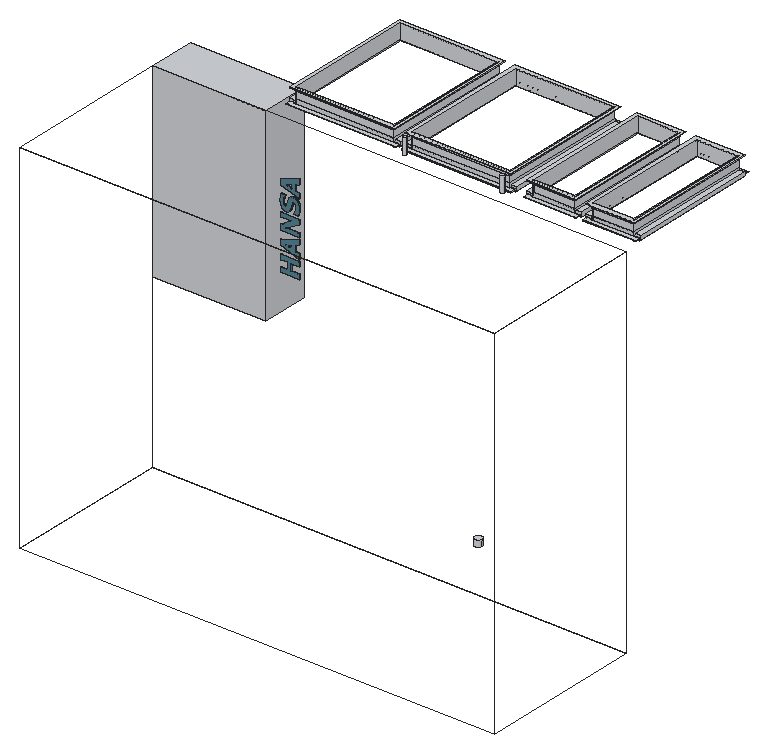
Revit family "KL-P-023-G-R", category HLS-Bauteile, Revit 2020
Family settings
  Bemaßung runder Anschluss = Durchmesser verwenden
  Klassifizierung = Keine
  Teiletyp = Normal
  Arbeitsebenenbasiert = Nein
  Immer vertikal = Ja
  Beim Laden mit Abzugskörper schneiden = Nein
  Gemeinsam genutzt = Nein
  Raumberechnungspunkt = Nein
Parameters
  Zuluftbreite [instance] = 520 mm  # constant formula
  Vorgabe-Ansicht = 0 mm
  TyS [instance] = size_lookup("TyS_Hansa_KL_P", "", "ND", RLT_Serie, Gehaeuserichtung, Gehaeuseausfuehrung, RLT_MSR_KZ)  # "KL-P-023-G-R-eCS"
  Schaltschrankbreite [instance] = 600 mm
  Schaltschrank_montiert [instance] = yes
  SSaG [instance] = and(or(Regelung SAIA, Regelung OJ), Schaltschrank_montiert)  # yes
  Regelung SAIA [instance] = yes
  Regelung OJ [instance] = no
  RLT_Volumenstrom_max = 2300 m³/h  # constant formula
  RLT_Volumenstrom_Unit_2 [instance] = 2300 m³/h
  RLT_Volumenstrom_Unit_1 [instance] = 2300 m³/h
  RLT_Typenschlüssel [instance] = TyS  # "KL-P-023-G-R-eCS"
  RLT_Serie = "KL-P-023"  # constant formula
  RLT_Material_außen [instance] = Stahlblech verzinkt + RAL 9002
  RLT_MSR_KZ [instance] = if(Regelung SAIA, "eCS", if(Regelung OJ, "eCO", "-"))  # "eCS"
  RLT_Länge [instance] = L  # 1920 mm
  RLT_Höhe = H  # 1790 mm
  RLT_Gewicht [instance] = size_lookup("TD_Hansa_KL_P", "Gewicht", 0 mm, TyS) / 1 mm * 1.00 kg  # 0.00 kg
  RLT_Breite = B  # 880 mm
  Modell = "KL-P-023-G-R"  # constant formula
  L2 = 660 mm  # constant formula
  L1 = 1260 mm  # constant formula
  L = L1 + L2  # 1920 mm
  Kanaltiefe [instance] = RLT_Breite - 190 mm  # 690 mm
  Hersteller = "Hansa"  # constant formula
  H = 1790 mm  # constant formula
  GeräteOK [instance] = H + Fuß  # 1910 mm
  Gehaeuserichtung [instance] = "R"  # constant formula
  Gehaeuseausfuehrung [instance] = "geteilt"  # constant formula
  GD_Spannung [instance] = 230 V
  GD_Phasen [instance] = 1
  GD_Nennstrom [instance] = 0 A
  GD_Anschlussleistung [instance] = 0 W
  Fuß [instance] = 120 mm  # constant formula
  Fortluftbreite = 220 mm  # constant formula
  Bedienzone [instance] = yes
  Baugruppe [instance] = "RLT-Gerät"  # constant formula
  BZl [instance] = if(and(or(Regelung SAIA, Regelung OJ), Schaltschrank_montiert), L + Schaltschrankbreite, L)  # 2520 mm
  B = 880 mm  # constant formula
  Außenluftbreite = 220 mm  # constant formula
  Abluftbreite [instance] = 520 mm  # constant formula
Reference planes
  plane 1 "Mitte (Vorne/hinten)": y = 0
  plane 2: z = 0
  plane 3 "Mitte (Links/rechts)": x = 0
  plane 4: x = -960
  plane 5: x = 960
  plane 6 "GV": y = -440
  plane 7 "GH": y = 440
  plane 8 "OKG": z = 1910
  plane 9: y = 377.5
  plane 10: y = -312.5
  plane 11: x = -897.5
  plane 12: x = 897.5
  plane 13: x = -377.5
  plane 14: x = -282.5
  plane 15: x = 237.5
  plane 16: x = 677.5
  plane 17: x = 582.5
  plane 18: x = 362.5
  plane 19: z = 1990
  plane 20 "UKG": z = 120
  plane 21: y = -190
  plane 22: y = -230
  plane 23: z = 90
  plane 24: y = -364
  plane 25: x = 300
  plane 26: y = -1320
  plane 27: x = -1560
Forms (mm)
  Extrusion 1, solid, visible <- "SSaG"
    sketch origin (-61.559, 0, -70) x (1, 0, 0) y (0, 0, 1)
      loop
        line (-1498.441, 1980) -> (-1498.441, 980) -> (-898.441, 980) -> (-898.441, 1980) -> (-1498.441, 1980)
    from 440 to 190
  Extrusion 2, solid
    sketch origin (0, 0, 0) x (1, 0, 0) y (0, 1, 0)
      loop
        circle (0, -230) r 20
    from 120 to 90
  Extrusion 3, solid, material "Glas - klar", visible <- "Bedienzone"
    sketch origin (-600, 0, 0) x (1, 0, 0) y (0, 1, 0)
      loop
        line (-960, -440) -> (-960, -1320) -> (1560, -1320) -> (1560, -440) -> (-960, -440)
    from 1910 to 0
  Extrusion 4, solid
    sketch origin (0, 0, 0) x (1, 0, 0) y (0, 1, 0)
      loop
        circle (-282.5, -364) r 10
    from 1990 to 1910
  Extrusion 5, solid
    sketch origin (0, 0, 0) x (1, 0, 0) y (0, 1, 0)
      loop
        circle (237.5, -364) r 10
    from 1990 to 1910
Dimensions and locks
  equal spacing: plane 4, plane 3 "Mitte (Links/rechts)", plane 5
  "L": plane 4 to plane 5
  "B": plane 7 "GH" to plane 6 "GV"
  locked: plane 7 "GH" to plane 9 at 62.5
  locked: plane 4 to plane 11 at 62.5
  locked: plane 12 to plane 5 at 62.5
  "Abluftbreite": plane 11 to plane 13
  locked: plane 13 to plane 14 at 95
  "Zuluftbreite": plane 14 to plane 15
  "Fortluftbreite": plane 16 to plane 12
  locked: plane 17 to plane 16 at 95
  "Außenluftbreite": plane 18 to plane 17
  plane 15 to plane 18 = 125 mm
  locked: nested 3 to plane 16 at 95
  "Fuß": plane 20 "UKG" to level
  plane 19 to plane 8 "OKG" = 80 mm
  locked: plane 4 to nested 1 at 62.5
  locked: plane 13 to nested 2 at 95
  locked: nested 4 to plane 5 at 62.5
  plane 5 to Extrusion 1 = 1920 mm
  "RLT_Höhe": plane 8 "OKG" to plane 20 "UKG"
  equal spacing: plane 7 "GH", plane 1 "Mitte (Vorne/hinten)", plane 6 "GV"
  locked: plane 6 "GV" to plane 21 at 250
  locked: plane 6 "GV" to plane 22 at 210
  plane 20 "UKG" to plane 23 = 30 mm
  locked: plane 24 to plane 6 "GV" at 76
  "L1": plane 4 to plane 25
  "B": plane 26 to plane 6 "GV"
  "BZl": Extrusion 3 to Extrusion 3
  "Schaltschrankbreite": plane 27 to plane 4
  plane 18 to plane 15 = 125 mm
  aligned and locked: level to plane 2
  aligned and locked: plane 8 "OKG" to Extrusion 1
  aligned and locked: Extrusion 1 to plane 6 "GV"
  aligned and locked: plane 21 to Extrusion 1
  aligned and locked: plane 20 "UKG" to Extrusion 2
  aligned and locked: Extrusion 2 to plane 23
  aligned and locked: Extrusion 3 to plane 6 "GV"
  aligned and locked: Extrusion 3 to plane 26
  aligned and locked: plane 8 "OKG" to Extrusion 3
  aligned and locked: Extrusion 1 to plane 4
  aligned and locked: plane 19 to Extrusion 4
  aligned and locked: Extrusion 4 to plane 8 "OKG"
  aligned and locked: plane 19 to Extrusion 5
  aligned and locked: Extrusion 1 to Extrusion 3
  aligned and locked: plane 7 "GH" to nested 6
  aligned and locked: plane 4 to nested 6
Automatic sketch dimensions
  Extrusion 1 sketch curve to plane 5 = 2520 mm
  Extrusion 1 sketch curve to plane 8 "OKG" = 0 mm
  Extrusion 1 sketch curve to plane 5 = 1920 mm
  plane 20 "UKG" to Extrusion 1 sketch curve = 790 mm
  Extrusion 2 sketch curve to plane 3 "Mitte (Links/rechts)" = 0 mm
  Extrusion 2 sketch curve to plane 22 = 0 mm
  plane 4 to Extrusion 3 sketch curve = 600 mm
  Extrusion 3 sketch curve to plane 5 = 0 mm
  Extrusion 3 sketch curve to plane 26 = 0 mm
  plane 6 "GV" to Extrusion 3 sketch curve = 0 mm
  Extrusion 4 sketch curve to plane 14 = 0 mm
  Extrusion 4 sketch curve to plane 24 = 0 mm
  Extrusion 5 sketch curve to plane 15 = 0 mm
  Extrusion 5 sketch curve to plane 24 = 0 mm
  radius of Extrusion 2 sketch curve = 20 mm
  radius of Extrusion 4 sketch curve = 10 mm
  radius of Extrusion 5 sketch curve = 10 mm
Nested families
  nested 1: "Kanalstutzen" at (-637.5, 29.209, 1910) x (1, 0, 0) z (0, -1, 0), 2570_EST_Breite <- "Abluftbreite", 2571_EST_Höhe <- "Kanaltiefe", built-in parameter 1001360 <- "GeräteOK", type "Kanalstutzen"
    with Tiefe 80 mm, RahmenG2 20 mm, RahmenG1 30 mm, Höhe 690 mm, Breite 520 mm, 2572_EST_Tiefe 80 mm, 2571_EST_Höhe 690 mm, 2570_EST_Breite 520 mm, 1966_EST_Rahmentyp ""
  nested 2: "Kanalstutzen" at (-22.5, 29.209, 1910) x (1, 0, 0) z (0, -1, 0), 2570_EST_Breite <- "Zuluftbreite", 2571_EST_Höhe <- "Kanaltiefe", built-in parameter 1001360 <- "GeräteOK", type "Kanalstutzen"
    with Tiefe 80 mm, RahmenG2 20 mm, RahmenG1 30 mm, Höhe 690 mm, Breite 520 mm, 2572_EST_Tiefe 80 mm, 2571_EST_Höhe 690 mm, 2570_EST_Breite 520 mm, 1966_EST_Rahmentyp ""
  nested 3: "Kanalstutzen" at (472.5, 29.209, 1910) x (1, 0, 0) z (0, -1, 0), 2570_EST_Breite <- "Außenluftbreite", 2571_EST_Höhe <- "Kanaltiefe", built-in parameter 1001360 <- "GeräteOK", type "Kanalstutzen"
    with Tiefe 80 mm, RahmenG2 20 mm, RahmenG1 30 mm, Höhe 690 mm, Breite 220 mm, 2572_EST_Tiefe 80 mm, 2571_EST_Höhe 690 mm, 2570_EST_Breite 220 mm, 1966_EST_Rahmentyp ""
  nested 4: "Kanalstutzen" at (787.5, 29.209, 1910) x (1, 0, 0) z (0, -1, 0), 2570_EST_Breite <- "Fortluftbreite", 2571_EST_Höhe <- "Kanaltiefe", built-in parameter 1001360 <- "GeräteOK", type "Kanalstutzen"
    with Tiefe 80 mm, RahmenG2 20 mm, RahmenG1 30 mm, Höhe 690 mm, Breite 220 mm, 2572_EST_Tiefe 80 mm, 2571_EST_Höhe 690 mm, 2570_EST_Breite 220 mm, 1966_EST_Rahmentyp ""
  nested 5: "Hansa_Aufkleber_klein" at (-780, -440, 1390) x (0, 0, 1) z (0, -1, 0), type "Hansa_Aufkleber_klein"
  nested 6: "P-023-G-R_ipt" at (0, 0, 0), type "Norm"
Connectors
  hvac at (-637.5, 29.209, 1989), driven by "RLT_Volumenstrom_Unit_2", driven by "Abluftbreite", driven by "Kanaltiefe"
    settings: on nested 1, index 1, duct flow 2300 m³/h, flow factor 0, pres drop 0.0 Pa, loss coef 0, conn angle 0.00°, conn width 520 mm, conn height 690 mm, conn diameter 609.6 mm, duct sys type 2, conn prof type 1, flow config 0, flow direction 1, loss method 0, conn ref index -1, conn util no, is conn primary yes, conn desc ""
  hvac at (-22.5, 29.209, 1989), driven by "RLT_Volumenstrom_Unit_1", driven by "Zuluftbreite", driven by "Kanaltiefe"
    settings: on nested 2, index 2, duct flow 2300 m³/h, flow factor 0, pres drop 0.0 Pa, loss coef 0, conn angle 0.00°, conn width 520 mm, conn height 690 mm, conn diameter 609.6 mm, duct sys type 1, conn prof type 1, flow config 0, flow direction 2, loss method 0, conn ref index -1, conn util no, is conn primary no, conn desc ""
  hvac at (472.5, 29.209, 1989), driven by "RLT_Volumenstrom_Unit_1", driven by "Außenluftbreite", driven by "Kanaltiefe"
    settings: on nested 3, index 3, duct flow 2300 m³/h, flow factor 0, pres drop 0.0 Pa, loss coef 0, conn angle 0.00°, conn width 220 mm, conn height 690 mm, conn diameter 609.6 mm, duct sys type 1, conn prof type 1, flow config 0, flow direction 1, loss method 0, conn ref index -1, conn util no, is conn primary no, conn desc ""
  hvac at (787.5, 29.209, 1989), driven by "RLT_Volumenstrom_Unit_2", driven by "Fortluftbreite", driven by "Kanaltiefe"
    settings: on nested 4, index 4, duct flow 2300 m³/h, flow factor 0, pres drop 0.0 Pa, loss coef 0, conn angle 0.00°, conn width 220 mm, conn height 690 mm, conn diameter 609.6 mm, duct sys type 3, conn prof type 1, flow config 1, flow direction 2, loss method 0, conn ref index -1, conn util no, is conn primary no, conn desc ""
  piping at (0, -230, 90), diameter 40
    settings: on Extrusion 2, index 5, connector inside diameter 609.6 mm, connector length 0 mm, flow factor 0, pipe flow 0.0 L/s, pressure drop 0.0 Pa, fitting loss kfactor 0, connector angle 0.00°, fixture units 0, engagement length 0 mm, angle of deflection 0.00°, flow configuration 0, flow direction 2, fitting loss method 0, system type 16, joint type 0, gender type 0, connector reference index -1, connector utility 0, adjustable connector no, is connector primary yes, connector description ""
  piping at (-282.5, -364, 1990), diameter 20
    settings: on Extrusion 4, index 6, connector inside diameter 609.6 mm, connector length 0 mm, flow factor 0, pipe flow 0.0 L/s, pressure drop 0.0 Pa, fitting loss kfactor 0, connector angle 0.00°, fixture units 0, engagement length 0 mm, angle of deflection 0.00°, flow configuration 0, flow direction 0, fitting loss method 0, system type 19, joint type 0, gender type 0, connector reference index -1, connector utility 0, adjustable connector no, is connector primary no, connector description ""
  piping at (237.5, -364, 1990), diameter 20
    settings: on Extrusion 5, index 7, connector inside diameter 609.6 mm, connector length 0 mm, flow factor 0, pipe flow 0.0 L/s, pressure drop 0.0 Pa, fitting loss kfactor 0, connector angle 0.00°, fixture units 0, engagement length 0 mm, angle of deflection 0.00°, flow configuration 0, flow direction 0, fitting loss method 0, system type 19, joint type 0, gender type 0, connector reference index -1, connector utility 0, adjustable connector no, is connector primary no, connector description ""
Definition of nested family "Kanalstutzen"
  Parameters (values of type "Kanalstutzen")
    Default Elevation = 0 mm
    Tiefe [instance] = [2572_EST_Tiefe]  # 80 mm
    RahmenG2 [instance] = 20 mm
    RahmenG1 [instance] = 30 mm
    Höhe [instance] = [2571_EST_Höhe]  # 500 mm
    Manufacturer = "Hansa"
    Breite [instance] = [2570_EST_Breite]  # 1000 mm
    Description = "Durchbruchsverkleidung"
    2572_EST_Tiefe [instance] = 80 mm
    2571_EST_Höhe [instance] = 500 mm
    2570_EST_Breite [instance] = 1000 mm
    1966_EST_Rahmentyp [instance] = ""
  Reference planes
    plane 1 "Mitte (Vorne/hinten)": y = 0
    plane 2: z = 0
    plane 3 "Mitte (Links/rechts)": x = 0
    plane 4: x = -500
    plane 5: x = 500
    plane 6 "hinten": y = 80
    plane 7: z = 250
    plane 8: z = -250
    plane 9 "R1links": x = -530
    plane 10 "R1rechts": x = 530
    plane 11 "R2links": x = -520
    plane 12 "R2rechts": x = 520
    plane 13 "R1oben": z = 280
    plane 14 "R1unten": z = -280
    plane 15: z = -270
    plane 16: z = 270
  Forms (mm)
    Sweep 1, solid
      path origin (0, 0, 0) x (1, 0, 0) y (0, 0, 1)
        loop
          line (-500, 250) -> (-500, -250) -> (500, -250) -> (500, 250) -> (-500, 250)
      profile origin (0, 0, 250) x (0, 0, 1) y (0, -1, 0)
        loop
          line (0, -40) -> (0, -80) -> (20, -80) -> (20, -79) -> (1.999, -79) -> (1.999, -59) -> (0.962, -59) -> (0.962, -21.406) -> (1.999, -21.406) -> (1.999, -1.406) -> (30, -1.406) -> (30, 0) -> (0, 0) -> (0, -40)
  Dimensions and locks
    equal spacing: plane 4, plane 3 "Mitte (Links/rechts)", plane 5
    "Breite": plane 4 to plane 5
    equal spacing: plane 7, level, plane 8
    "Höhe": plane 7 to plane 8
    "RahmenG1": plane 9 "R1links" to plane 4
    "RahmenG1": plane 5 to plane 10 "R1rechts"
    "RahmenG2": plane 11 "R2links" to plane 4
    "RahmenG2": plane 5 to plane 12 "R2rechts"
    "RahmenG1": plane 13 "R1oben" to plane 7
    "RahmenG1": plane 8 to plane 14 "R1unten"
    "RahmenG2": plane 16 to plane 7
    "RahmenG2": plane 8 to plane 15
    Sweep 1 sketch curve to Sweep 1 sketch curve = 1.406 mm
    Sweep 1 sketch curve to Sweep 1 sketch curve = 1 mm
    Sweep 1 sketch curve to Sweep 1 sketch curve = 0.962 mm
    "2572_EST_Tiefe": plane 6 "hinten" to plane 1 "Mitte (Vorne/hinten)"
    aligned and locked: level to plane 2
    aligned and locked: plane 16 to Sweep 1 sketch curve
    aligned and locked: plane 13 "R1oben" to Sweep 1 sketch curve
    aligned and locked: plane 1 "Mitte (Vorne/hinten)" to Sweep 1
    aligned and locked: plane 1 "Mitte (Vorne/hinten)" to nested 1
    aligned and locked: nested 1 to plane 10 "R1rechts"
    aligned and locked: nested 2 to plane 9 "R1links"
    aligned and locked: plane 8 to nested 2
    aligned and locked: nested 1 to plane 8
  Automatic sketch dimensions
    plane 4 to Sweep 1 sketch curve = 0 mm
    plane 5 to Sweep 1 sketch curve = 0 mm
    Sweep 1 sketch curve to plane 8 = 0 mm
    Sweep 1 sketch curve to plane 7 = 0 mm
    Sweep 1 sketch curve to plane 1 "Mitte (Vorne/hinten)" = 0 mm
    profile plane to Sweep 1 sketch curve = 0 mm
    Sweep 1 sketch curve to profile plane = 1.999 mm  (x2)
    Sweep 1 sketch curve to Sweep 1 sketch curve = 20 mm  (x2)
    Sweep 1 sketch curve to Sweep 1 sketch curve = 18.594 mm
    Sweep 1 sketch curve to Sweep 1 sketch curve = 19 mm
  Nested families
    nested 1: "EGJK30" at (520, 0, -250), L <- "Höhe", type "EGJK30"
      with L 500 mm
    nested 2: "EGJK30" at (-520, 0, -250) x (-1, 0, 0) z (0, 0, 1), L <- "Höhe", type "EGJK30"
      with L 500 mm
  Definition of nested family "EGJK30"
    Parameters (values of type "EGJK30")
      Default Elevation = 0 mm
      L [instance] = 1000 mm
    Reference planes
      plane 1 "Mitte (Vorne/hinten)": y = 0
      plane 2: z = 0
      plane 3 "Mitte (Links/rechts)": x = 0
    Forms (mm)
      Extrusion 1, solid
        sketch origin (16.67, -35.46, 0) x (1, 0, 0) y (0, 1, 0)
          loop
            line (-26.67, 25.46) -> (-6.67, 25.46) -> (-6.67, 30.46) -> (-1.67, 30.46) -> (-1.67, 50.46) -> (-34.67, 50.46) -> (-34.67, 38.46) -> (-5.67, 38.46) -> (-5.67, 35.46) -> (-25.67, 35.46) -> (-25.67, 36.96) -> (-34.67, 36.96) -> (-34.67, 33.96) -> (-26.67, 25.46)
        from 0 to 1000
    Dimensions and locks
      "L": Extrusion 1 to Extrusion 1
      aligned and locked: level to plane 2
    Automatic sketch dimensions
      plane 1 "Mitte (Vorne/hinten)" to Extrusion 1 sketch curve = 0 mm
      Extrusion 1 sketch curve to plane 3 "Mitte (Links/rechts)" = 18 mm
      plane 1 "Mitte (Vorne/hinten)" to Extrusion 1 sketch curve = 1.5 mm
      Extrusion 1 sketch curve to Extrusion 1 sketch curve = 0 mm
      Extrusion 1 sketch curve to plane 3 "Mitte (Links/rechts)" = 10 mm
      Extrusion 1 sketch curve to plane 3 "Mitte (Links/rechts)" = 9 mm
      plane 1 "Mitte (Vorne/hinten)" to Extrusion 1 sketch curve = 5 mm
      plane 3 "Mitte (Links/rechts)" to Extrusion 1 sketch curve = 10 mm
      Extrusion 1 sketch curve to Extrusion 1 sketch curve = 1 mm
      Extrusion 1 sketch curve to Extrusion 1 sketch curve = 5 mm
      plane 1 "Mitte (Vorne/hinten)" to Extrusion 1 sketch curve = 10 mm
      Extrusion 1 sketch curve to plane 1 "Mitte (Vorne/hinten)" = 1.5 mm
      Extrusion 1 sketch curve to Extrusion 1 sketch curve = 1.5 mm
      Extrusion 1 sketch curve to Extrusion 1 sketch curve = 12 mm
Definition of nested family "Hansa_Aufkleber_klein"
  Parameters (values of type "Hansa_Aufkleber_klein")
    Default Elevation = 1219.2 mm
  Reference planes
    plane 1 "Mitte (Vorne/hinten)": y = 0
    plane 2: z = 0
    plane 3 "Mitte (Links/rechts)": x = 0
  Forms (mm)
    Extrusion 1, solid, detail levels medium+fine
      sketch origin (6.994, -10.767, 0) x (1, 0, 0) y (0, 1, 0)
        loop
          line (-226.694, 10.767) -> (-201.573, 10.767) -> (-201.573, 55.095) -> (-167.456, 55.095) -> (-167.456, 10.767) -> (-142.335, 10.767) -> (-142.335, 110.767) -> (-167.456, 110.767) -> (-167.456, 74.138) -> (-201.573, 74.138) -> (-201.573, 110.767) -> (-226.694, 110.767) -> (-226.694, 10.767)
        loop
          line (202.074, 82.404) -> (191.782, 49.341) -> (212.284, 49.341) -> (202.074, 82.404)
        loop
          line (188.703, 110.767) -> (154.91, 10.767) -> (180.032, 10.767) -> (186.353, 31.189) -> (217.795, 31.189) -> (224.035, 10.767) -> (249.886, 10.767) -> (216.093, 110.767) -> (188.703, 110.767)
        loop
          line (34.084, 10.767) -> (58.233, 10.767) -> (58.233, 110.767) -> (35.299, 110.767) -> (35.299, 53.474) -> (3.37, 110.767) -> (-27.424, 110.767) -> (-27.424, 10.767) -> (-4.49, 10.767) -> (-4.49, 80.459) -> (34.084, 10.767)
        loop
          line (-85.203, 82.404) -> (-95.495, 49.341) -> (-74.993, 49.341) -> (-85.203, 82.404)
        loop
          line (-98.575, 110.767) -> (-132.367, 10.767) -> (-107.245, 10.767) -> (-100.925, 31.189) -> (-69.482, 31.189) -> (-63.242, 10.767) -> (-37.391, 10.767) -> (-71.184, 110.767) -> (-98.575, 110.767)
        loop
          line (73.143, 16.683) -> (80.903, 13.695) -> (89.27, 11.213) -> (93.783, 10.238) -> (98.65, 9.542) -> (103.872, 9.124) -> (109.448, 8.984) -> (114.303, 9.126) -> (118.902, 9.552) -> (123.243, 10.261) -> (127.327, 11.253) -> (131.154, 12.53) -> (134.724, 14.09) -> (138.037, 15.933) -> (141.093, 18.061) -> (143.838, 20.421) -> (146.216, 22.963) -> (148.229, 25.688) -> (149.876, 28.595) -> (151.156, 31.685) -> (152.071, 34.957) -> (152.62, 38.411) -> (152.803, 42.048) -> (152.724, 44.578) -> (152.487, 46.981) -> (152.091, 49.257) -> (151.537, 51.407) -> (150.825, 53.431) -> (149.954, 55.328) -> (148.925, 57.098) -> (147.738, 58.741) -> (144.874, 61.745) -> (141.346, 64.434) -> (137.155, 66.81) -> (132.301, 68.871) -> (127.124, 70.542) -> (122.293, 71.829) -> (112.609, 74.057) -> (109.035, 74.977) -> (106.095, 75.952) -> (103.788, 76.982) -> (102.114, 78.069) -> (100.927, 79.287) -> (100.078, 80.713) -> (99.569, 82.346) -> (99.4, 84.187) -> (99.506, 85.453) -> (99.825, 86.659) -> (100.357, 87.803) -> (101.101, 88.887) -> (102.965, 90.731) -> (105.153, 92.048) -> (107.99, 93.142) -> (110.664, 93.83) -> (113.439, 94.195) -> (116.579, 94.317) -> (120.768, 94.112) -> (124.906, 93.496) -> (128.993, 92.471) -> (133.03, 91.035) -> (136.889, 89.3) -> (140.445, 87.378) -> (143.697, 85.268) -> (146.644, 82.971) -> (148.832, 82.971) -> (148.832, 105.824) -> (145.231, 107.285) -> (141.397, 108.589) -> (137.33, 109.737) -> (133.03, 110.727) -> (128.608, 111.524) -> (124.177, 112.094) -> (119.735, 112.436) -> (115.283, 112.55) -> (110.919, 112.414) -> (106.741, 112.006) -> (102.749, 111.325) -> (98.944, 110.372) -> (95.324, 109.147) -> (91.891, 107.65) -> (88.644, 105.88) -> (85.583, 103.839) -> (82.8, 101.578) -> (80.389, 99.151) -> (78.348, 96.559) -> (76.679, 93.8) -> (75.38, 90.876) -> (74.453, 87.786) -> (73.896, 84.53) -> (73.711, 81.108) -> (74.025, 76.136) -> (74.967, 71.596) -> (76.537, 67.486) -> (78.735, 63.806) -> (80.094, 62.119) -> (81.657, 60.522) -> (83.426, 59.014) -> (85.4, 57.597) -> (87.58, 56.269) -> (89.964, 55.031) -> (92.553, 53.884) -> (95.348, 52.826) -> (100.625, 51.195) -> (106.247, 49.868) -> (111.869, 48.642) -> (117.147, 47.315) -> (119.104, 46.707) -> (120.925, 45.937) -> (122.609, 45.006) -> (124.156, 43.912) -> (125.451, 42.645) -> (126.375, 41.197) -> (126.929, 39.566) -> (127.114, 37.753) -> (127, 36.17) -> (126.658, 34.744) -> (126.089, 33.475) -> (125.291, 32.364) -> (123.275, 30.53) -> (120.874, 29.163) -> (118.413, 28.312) -> (115.242, 27.704) -> (112.052, 27.339) -> (109.529, 27.218) -> (105.242, 27.433) -> (100.889, 28.079) -> (96.47, 29.155) -> (91.985, 30.662) -> (87.561, 32.569) -> (83.324, 34.845) -> (79.274, 37.492) -> (75.413, 40.508) -> (73.143, 40.508) -> (73.143, 16.683)
      from 0 to 2
  Dimensions and locks
    aligned and locked: level to plane 2
Definition of nested family "P-023-G-R_ipt"
  Parameters (values of type "Norm")
    Default Elevation = 0 mm
  Reference planes
    plane 1 "Mitte (Vorne/Hinten)": y = 0
    plane 2: z = 0
    plane 3 "Mitte (Links/Rechts)": x = 0
  Dimensions and locks
    aligned and locked: level to plane 2
